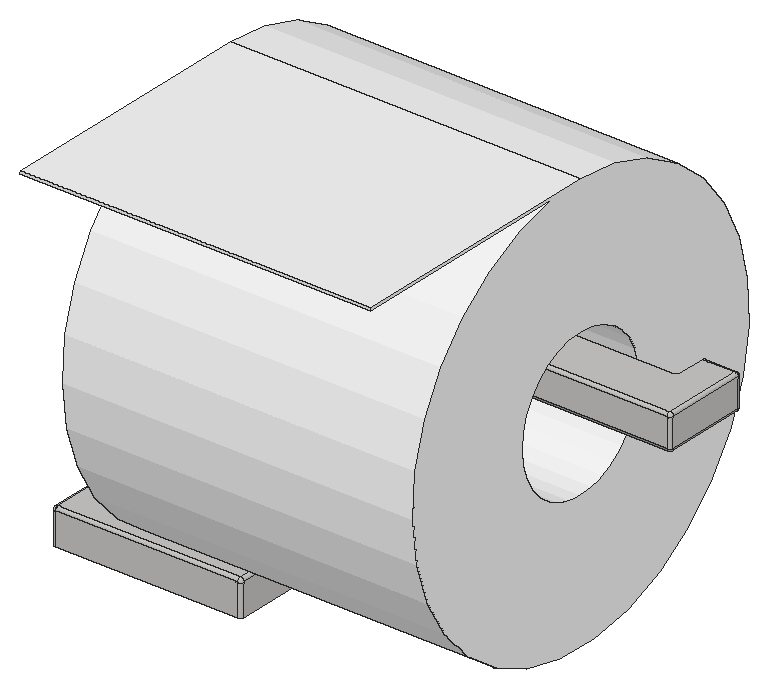
Revit family "PRD_AR_TltRllHldrs_CUBUSReplacementToiletRollHolder_CUBX211HP", category Specialty Equipment, host Face, Revit 2018
Family settings
  Host = Face
  Round Connector Dimension = Use Diameter
  Part Type = Normal
  OmniClass Number = 23.40.20.21.21
  OmniClass Title = Toilet Paper Dispensers
  Cut with Voids When Loaded = No
  Shared = No
  Room Calculation Point = No
Parameters (values of type "CUBX211HP")
  WarrantyStartDate [instance] = "1900-12-31T23:59:59"
  WarrantyGuarantorParts = "n/a"
  WarrantyGuarantorLabor = "n/a"
  WarrantyDurationUnit = "year"
  WarrantyDurationParts = "n/a"
  WarrantyDurationLabor = "n/a"
  WarrantyDescription = "n/a"
  Version = "1"
  Uniclass2015Version = "Products v1.17"
  Uniclass2015Title = "Toilet roll holders"
  Uniclass2015Code = "Pr_40_20_76_88"
  URL = "www.kwc.com"
  TypeOfMounting = "Wall mounting"
  TypeOfFixing = "Screw"
  TagNumber [instance] = "n/a"
  SustainabilityPerformance = "n/a"
  Style = "Roll holder"
  Spindle = "No"
  Size = "165 x 54 x 85 mm"
  Shape = "n/a"
  SerialNumber [instance] = "n/a"
  ToiletRollMaterial = PRD_AR_ToiletRoll
  Revision = "n/a"
  ReplacementCost = "n/a"
  ProductInformation = "https://pim.kwc.com/product/2000106365/attachment/datasheet?locale=en"
  NominalWidth = 165.00 mm
  NominalHeight = 54.00 mm
  NominalDepth = 85.00 mm
  NetWeight = 0.26 kg
  Name = "Replacement toilet roll holder CUBX211HP"
  NBSTypeID = "n/a"
  NBSReference = "45-35-72/368"
  NBSOfficeMasterTag = "n/a"
  NBSNote = "n/a"
  NBSDescription = "Toilet roll holders"
  NBSCertification = "n/a"
  ModelReference = "CUBX211HP"
  ModelNumber = "2000106365"
  Model = ModelReference  # "CUBX211HP"
  MaterialCode = "1.4301"
  Material = "stainless steel"
  ManufacturerURL = "www.kwc.com"
  ManufacturerName = "KWC Group AG"  # constant formula
  Manufacturer = ManufacturerName  # "KWC Group AG"
  MainColor = "stainless steel"
  Lock = "No lock"
  IsBuiltIn = "TRUE"
  IntegralAccessories = "incl. stainless steel screws and dowels"
  InstallationDate [instance] = "1900-12-31T23:59:59"
  IfcExportType = "USERDEFINED"
  IfcExportAs = "IfcFurnitureType"
  HolderMaterial = PRD_AR_StainlessSteel_HighPolished
  GrossWeight = 0.32 kg
  Grade = "n/a"
  Finish = "high polished"
  FillingQuantity = "1"
  Features = "stainless steel, surface high polished"
  ExpectedLife = "n/a"
  DurationUnit = "year"
  Description = "Spare toilet roll holder for wall mounting, 304 stainless steel, square covers with drilled hole on bottom for fixation, includes stainless steel screws and dowels."
  Default Elevation = 600.00 mm
  CreateOn = "05/2020"  # constant formula
  Constituents = "n/a"
  Color = "n/a"
  CodePerformance = "n/a"
  Category = "Pr_40_20_76_88, Toilet roll holders"
  BarCode [instance] = "n/a"
  BIMObjectName = "PRD_AR_ToiletRollHolders_CUBUSReplacementToiletRollHolder_CUBX211HP"
  Author = "Archispace"  # constant formula
  AssetType = "Fixed"
  AssetIdentifier [instance] = "n/a"
  AccessibilityPerformance = "n/a"
Reference planes
  plane 1 "Center (Front/Back)": y = 0
  plane 2: z = 0
  plane 3 "Center (Left/Right)": x = 0
  plane 4: y = 27
  plane 5: y = -27
  plane 6: z = 179
  plane 7: through (0, 6.978, 172.576) normal (0, -0.6129, -0.7901)
Forms (mm)
  Extrusion 1, solid, material "PRD_AR_StainlessSteel_HighPolished" <- "HolderMaterial", detail levels fine
    sketch origin (273, 0, 0) x (1, 0, 0) y (0, 1, 0)
      loop
        line (-300, 26) -> (-300, -26)
        arc (-300, -26) -> (-299.707, -26.707) -> (-299, -27) r 1
        line (-299, -27) -> (-247, -27)
        arc (-247, -27) -> (-246.293, -26.707) -> (-246, -26) r 1
        line (-246, -26) -> (-246, 26)
        arc (-246, 26) -> (-246.293, 26.707) -> (-247, 27) r 1
        line (-247, 27) -> (-299, 27)
        arc (-299, 27) -> (-299.707, 26.707) -> (-300, 26) r 1
    from 0 to 10
  Sweep 2, void
    path in 3D
      loop
        arc (-27, -26, 10) -> (-26.707, -26.707, 10) -> (-26, -27, 10) r 1
        line (-26, -27, 10) -> (26, -27, 10)
        arc (26, -27, 10) -> (26.707, -26.707, 10) -> (27, -26, 10) r 1
        line (27, -26, 10) -> (27, 26, 10)
        arc (27, 26, 10) -> (26.707, 26.707, 10) -> (26, 27, 10) r 1
        line (26, 27, 10) -> (-26, 27, 10)
        arc (-26, 27, 10) -> (-26.707, 26.707, 10) -> (-27, 26, 10) r 1
        line (-27, 26, 10) -> (-27, -26, 10)
    profile origin (-27, 0, 10) x (1, 0, 0) y (0, 0, 1)
      loop
        line (0, 0) -> (0, -0.9)
        arc (0, -0.9) -> (0.264, -0.264) -> (0.9, 0) r 0.9
        line (0.9, 0) -> (0, 0)
  Sweep 3, solid, material "PRD_AR_StainlessSteel_HighPolished" <- "HolderMaterial", detail levels fine
    path origin (273, 0, 0) x (1, 0, 0) y (0, 0, 1)
      loop
        line (-273, 10) -> (-273, 80) -> (-135, 80)
    profile origin (0, 0, 45) x (-1, 0, 0) y (0, -1, 0)
      loop
        line (5, -11.5) -> (5, 11.5)
        arc (5, 11.5) -> (4.707, 12.207) -> (4, 12.5) r 1
        line (4, 12.5) -> (-4, 12.5)
        arc (-4, 12.5) -> (-4.707, 12.207) -> (-5, 11.5) r 1
        line (-5, 11.5) -> (-5, -11.5)
        arc (-5, -11.5) -> (-4.707, -12.207) -> (-4, -12.5) r 1
        line (-4, -12.5) -> (4, -12.5)
        arc (4, -12.5) -> (4.707, -12.207) -> (5, -11.5) r 1
  Extrusion 4, void
    sketch origin (273, 0, 0) x (1, 0, 0) y (0, 0, 1)
      loop
        line (-278, 85) -> (-278, 84)
        arc (-278, 84) -> (-277.707, 84.707) -> (-277, 85) r 1
        line (-277, 85) -> (-278, 85)
    from -20.589 to 15
  Sweep 5, void
    path in 3D
      loop
        arc (138, -12.5, 76) -> (138, -12.207, 75.293) -> (138, -11.5, 75) r 1
        line (138, -11.5, 75) -> (138, 11.5, 75)
        arc (138, 11.5, 75) -> (138, 12.207, 75.293) -> (138, 12.5, 76) r 1
        line (138, 12.5, 76) -> (138, 12.5, 84)
        arc (138, 12.5, 84) -> (138, 12.207, 84.707) -> (138, 11.5, 85) r 1
        line (138, 11.5, 85) -> (138, -11.5, 85)
        arc (138, -11.5, 85) -> (138, -12.207, 84.707) -> (138, -12.5, 84) r 1
        line (138, -12.5, 84) -> (138, -12.5, 76)
    profile origin (138, -12.5, 80) x (1, 0, 0) y (0, 1, 0)
      loop
        line (0, 0) -> (0, 0.9)
        arc (0, 0.9) -> (-0.264, 0.264) -> (-0.9, 0) r 0.9
        line (-0.9, 0) -> (0, 0)
  Extrusion 6, void
    sketch origin (273, 0, 0) x (1, 0, 0) y (0, 1, 0)
      loop
        arc (-269, 12.5) -> (-268.293, 12.207) -> (-268, 11.5) r 1
        line (-268, 11.5) -> (-268, 3.5)
        arc (-268, 3.5) -> (-267.707, 2.793) -> (-267, 2.5) r 1
        line (-267, 2.5) -> (-146, 2.5)
        arc (-146, 2.5) -> (-145.293, 2.793) -> (-145, 3.5) r 1
        line (-145, 3.5) -> (-145, 11.5)
        arc (-145, 11.5) -> (-144.707, 12.207) -> (-144, 12.5) r 1
        line (-144, 12.5) -> (-145, 12.5) -> (-269, 12.5)
    from 75 to 85
  Extrusion 7, solid, material "PRD_AR_StainlessSteel_HighPolished" <- "HolderMaterial", detail levels medium
    sketch origin (273, 0, 0) x (1, 0, 0) y (0, 1, 0)
      loop
        line (-300, 27) -> (-300, -27) -> (-246, -27) -> (-246, 27) -> (-300, 27)
    from 0 to 10
  Sweep 8, solid, material "PRD_AR_StainlessSteel_HighPolished" <- "HolderMaterial", detail levels medium
    path origin (273, 0, 0) x (1, 0, 0) y (0, 0, 1)
      loop
        line (-273, 10) -> (-273, 80) -> (-135, 80)
    profile origin (0, 0, 45) x (-1, 0, 0) y (0, -1, 0)
      loop
        line (5, -12.5) -> (5, 12.5) -> (-5, 12.5) -> (-5, -12.5) -> (5, -12.5)
  Extrusion 9, solid, material "PRD_AR_ToiletRoll" <- "ToiletRollMaterial", detail levels fine
    sketch origin (0, 0, 0) x (0, 1, 0) y (0, 0, 1)
      loop
        arc (-27.515, 139.2) -> (-12.851, 20.2) -> (-17.75, 140) r 60
        line (-17.75, 140) -> (-92.75, 140) -> (-92.75, 139.2) -> (-27.515, 139.2)
      loop
        circle (-17.75, 80) r 21
    from 16.5 to 116.5
  Extrusion 10, solid, material "PRD_AR_ToiletRoll" <- "ToiletRollMaterial", detail levels medium
    sketch origin (0, 0, 0) x (0, 1, 0) y (0, 0, 1)
      loop
        circle (-17.75, 80) r 60
    from 16.5 to 116.5
  Extrusion 11, solid, material "PRD_AR_StainlessSteel_HighPolished" <- "HolderMaterial", detail levels coarse
    sketch origin (0, 0, 0) x (0, 1, 0) y (0, 0, 1)
      loop
        arc (42.25, 80) -> (-17.75, 140) -> (-77.75, 80) r 60
        line (-77.75, 80) -> (-77.75, 0) -> (42.25, 0) -> (42.25, 80)
    from -27 to 138
Cuts and joins
  Sweep 2 cuts Extrusion 1
  Extrusion 4, Sweep 5, Extrusion 6 cuts Sweep 3
Lines and regions (mm)
  sketch lines
    curve 1: line (-27, 26, 10) -> (-27, -26, 10)
    curve 2: arc (-27, 26, 10) -> (-26.707, 26.707, 10) -> (-26, 27, 10) r 1
    curve 3: line (26, 27, 10) -> (-26, 27, 10)
    curve 4: arc (26, 27, 10) -> (26.707, 26.707, 10) -> (27, 26, 10) r 1
    curve 5: line (27, -26, 10) -> (27, 26, 10)
    curve 6: arc (-26, -27, 10) -> (-26.707, -26.707, 10) -> (-27, -26, 10) r 1
    curve 7: line (-26, -27, 10) -> (26, -27, 10)
    curve 8: arc (27, -26, 10) -> (26.707, -26.707, 10) -> (26, -27, 10) r 1
    curve 9: line (138, -12.5, 84) -> (138, -12.5, 76)
    curve 10: arc (138, -12.5, 84) -> (138, -12.207, 84.707) -> (138, -11.5, 85) r 1
    curve 11: line (138, 11.5, 85) -> (138, -11.5, 85)
    curve 12: arc (138, 11.5, 85) -> (138, 12.207, 84.707) -> (138, 12.5, 84) r 1
    curve 13: line (138, 12.5, 76) -> (138, 12.5, 84)
    curve 14: arc (138, 12.5, 76) -> (138, 12.207, 75.293) -> (138, 11.5, 75) r 1
    curve 15: line (138, -11.5, 75) -> (138, 11.5, 75)
    curve 16: arc (138, -11.5, 75) -> (138, -12.207, 75.293) -> (138, -12.5, 76) r 1
Dimensions and locks
  plane 1 "Center (Front/Back)" to plane 5 = 27.00 mm
  plane 1 "Center (Front/Back)" to plane 4 = 27.00 mm
  plane 6 to host face = 179.00 mm
  aligned and locked: plane 2 to host face
  aligned and locked: level to host face
